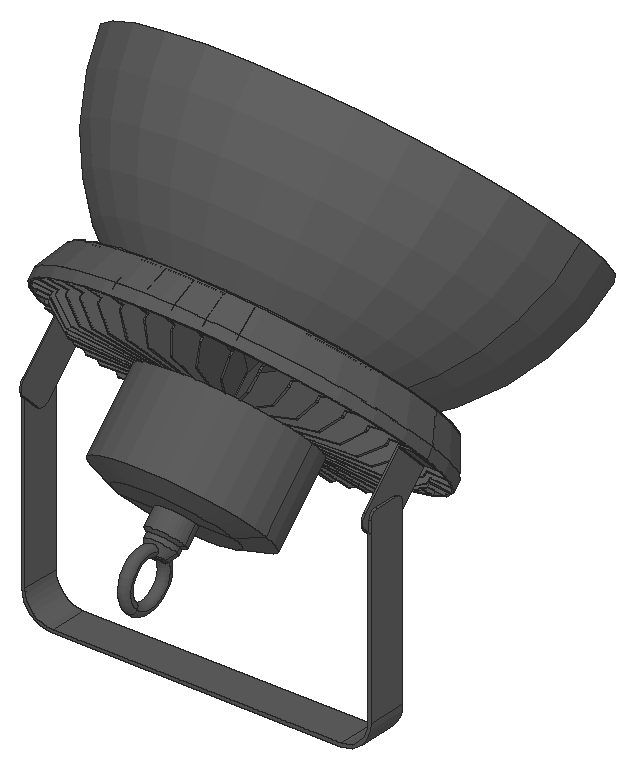
Revit family "0039349+0039355+0039360 Feilo Sylvania Lighting Fixture START HIGHBAY 4K 26KLM WIDE with BRACKET and ALU SHADE BLACK COLOR", category Lighting Fixtures, host Face, Revit 2017
Family settings
  Host = Face
  Round Connector Dimension = Use Diameter
  Part Type = Normal
  OmniClass Number = 23.80.70.00
  OmniClass Title = Lighting
  Cut with Voids When Loaded = No
  Light Source = No
  Shared = No
  Room Calculation Point = No
Parameters (values of type "0039349+0039355+0039360 START HIGHBAY 4K 26KLM WIDE with BRACKET and ALU SHADE BLACK COLOR")
  Weight = "3.7 kg"
  Wattage Comments = ""
  WarrantyStartDate [instance] = "n/a"
  WarrantyGuarantorParts = "n/a"
  WarrantyDurationUnit = "n/a"
  WarrantyDurationParts = "n/a"
  WarrantyDescription = "n/a"
  Voltage = 230 V
  URL = "http://www.sylvania-lighting.com"
  TypeName = "START HIGHBAY 4K 26KLM WIDE with BRACKET and ALU SHADE BLACK COLOR"
  TypeHead_FEILO = Start LED Highbay Head : 0039349+0039355+0039360 START HIGHBAY 4K 26KLM WIDE with BRACKET and ALU SHADE BLACK COLOR
  Type Image = <None>
  Type Comments = "n/a"
  TiltAngle_FEILO [instance] = 45.00°
  ThicknessBracketPlate_FEILO = 3 mm
  SizeBracketS_FEILO = no
  SizeBracketM_FEILO = no
  SerialNumber [instance] = "n/a"
  RadiusBracketTop_FEILO = 7 mm
  RadiusBendOut_FEILO = if(SizeBracketS_FEILO, 18 mm, if(SizeBracketM_FEILO, 24 mm, 28 mm))  # 28 mm
  RadiusBendIn_FEILO = RadiusBendOut_FEILO - ThicknessBracketPlate_FEILO  # 25 mm
  Material_3_FEILO = none
  PowerFactor = 0.95
  PowerConsumption = "200 W"
  NominalLength = 339 mm
  NominalHeight = 194 mm
  NominalDepth = 339 mm
  Name = "START HIGHBAY 4K 26KLM WIDE with BRACKET and ALU SHADE BLACK COLOR"
  ModelReference = Name  # "START HIGHBAY 4K 26KLM WIDE with BRACKET and ALU SHADE BLACK COLOR"
  ModelNumber = "0039349+0039355+0039360"
  Model = Name  # "START HIGHBAY 4K 26KLM WIDE with BRACKET and ALU SHADE BLACK COLOR"
  Material = "aluminium alloy housing, polycarbonate diffuser"
  ManufacturerName = "Feilo Sylvania"
  Manufacturer = "Feilo Sylvania"
  LuminousEfficacy = "130 lm/W"
  LuminaireType = ""
  LightOutputRatio = "n/a"
  LampsType = Lamp  # "LED"
  LampNominalLuminous = "26000 lm"
  LampMacAdamStep = "n/a"
  LampColourTemperature = "4000 K"
  LampColourRenderingIndex = "80"
  Lamp = "LED"
  Keynote = "16500"
  InstallationDate [instance] = "n/a"
  InputVoltage = "220-240V~"
  InputNominalFrequency = "50/60 Hz"
  IngressProtection = "IP65"
  ImpactProtectionIndex = "IK08"
  IfcExportType = "IfcLightFixtureType"
  IfcExportAs = "IfcLightFixtureType"
  ExpectedLife = 50000
  EndAngle_FEILO [instance] = TiltAngle_FEILO + 180.00°  # 225.00°
  ElectricShockClassification = "Class I"
  DurationUnit = "hours"
  DocumentationLiterature = "http://www.sylvania-lighting.com/product/en-int/products/0039349"
  DimmingControlOptions = "n/a"
  Material_2_FEILO = none
  Description = "START HIGHBAY, includes 1 m cables, black aluminium housing, 26000LM, 200W, 130lm/W, 4000K, Driver current: 5000mA, CR80, 90° beam angle, 1-10V dimmable,  IP65, IK08, 50,000 hrs (L70B50), (LxWxH) 339x339x194mm"
  Default Elevation = 1219.2 mm
  CreatedOn = "2/28/2018"
  CreatedBy = ""
  Cost = 0
  built-in parameter 1114216 [instance] = (empty or 0)
  ClassificationValue = "EF_70_80"
  ClassificationName = "Uniclass2015"
  Material_1_FEILO = Body-Sylvania-StartHighbay-Black
  BracketHeight_FEILO = if(SizeBracketS_FEILO, 199.5 mm, if(SizeBracketM_FEILO, 209.6 mm, 201.3 mm))  # 201.3 mm
  BracketDistanceInner_FEILO = if(SizeBracketS_FEILO, 249.4 mm, if(SizeBracketM_FEILO, 273.6 mm, 313.2 mm))  # 313.2 mm
  BarCode [instance] = "n/a"
  AssetType = "Fixed"
  AssetIdentifier [instance] = "n/a"
  Assembly Code = "D5020200"
  Apparent Load = 200 VA
  Material_4_FEILO = none
Reference planes
  plane 1 "Center (Front/Back)": y = 0
  plane 2: z = 0
  plane 3 "Center (Left/Right)": x = 0
  plane 4: x = -159.6
  plane 5: x = 159.6
  plane 6: z = 201.3
  plane 7: x = -156.6
  plane 8: z = 3
  plane 9: x = 156.6
  plane 10: y = 17.5
  plane 11: y = -17.5
  plane 12: y = -19.5
  plane 13: z = 203.3
  plane 14: y = 19.5
  plane 15: z = 192.3
Forms (mm)
  Extrusion 1, solid, material "Body-Sylvania-StartHighbay-Black" <- "Material_1_FEILO"
    sketch origin (0, 0, 0) x (1, 0, 0) y (0, 0, 1)
      loop
        line (-159.6, 201.3) -> (-159.6, 28)
        arc (-159.6, 28) -> (-151.399, 8.201) -> (-131.6, 0) r 28
        line (-131.6, 0) -> (131.6, 0)
        arc (131.6, 0) -> (151.399, 8.201) -> (159.6, 28) r 28
        line (159.6, 28) -> (159.6, 201.3) -> (156.6, 201.3) -> (156.6, 28)
        arc (156.6, 28) -> (149.278, 10.322) -> (131.6, 3) r 25
        line (131.6, 3) -> (-131.6, 3)
        arc (-131.6, 3) -> (-149.278, 10.322) -> (-156.6, 28) r 25
        line (-156.6, 28) -> (-156.6, 201.3) -> (-159.6, 201.3)
    from -17.5 to 17.5
  Extrusion 2, void
    sketch origin (0, 0, 0) x (0, 1, 0) y (0, 0, 1)
      loop
        arc (10.5, 201.3) -> (15.45, 199.25) -> (17.5, 194.3) r 7
        line (17.5, 194.3) -> (19.5, 194.3) -> (19.5, 203.3) -> (-19.5, 203.3) -> (-19.5, 194.3) -> (-17.5, 194.3)
        arc (-17.5, 194.3) -> (-15.45, 199.25) -> (-10.5, 201.3) r 7
        line (-10.5, 201.3) -> (10.5, 201.3)
    from -159.6 to 159.6
  Revolve 3, solid, not visible
    sketch origin (1223.4, -4572, 192.3) x (0, -1, 0) y (1, 0, 0)
      loop
        line (-4572, -1223.4) -> (-4591.5, -1223.4) -> (-4591.5, -1277.783) -> (-4572, -1277.783) -> (-4572, -1223.4)
      axis (-4572, -1223.4) -> (-4572, -1277.783)
    angle from 45 <- "TiltAngle_FEILO" to 225 <- "EndAngle_FEILO"
Cuts and joins
  Extrusion 2 cuts Extrusion 1
Dimensions and locks
  "BracketHeight_FEILO": plane 6 to plane 2
  equal spacing: plane 11, plane 1 "Center (Front/Back)", plane 10
  locked: plane 11 to plane 10 at 35
  equal spacing: plane 9, plane 3 "Center (Left/Right)", plane 7
  "BracketDistanceInner_FEILO": plane 9 to plane 7
  "ThicknessBracketPlate_FEILO": plane 7 to plane 4
  "ThicknessBracketPlate_FEILO": plane 8 to plane 2
  equal spacing: plane 5, plane 3 "Center (Left/Right)", plane 4
  equal spacing: plane 12, plane 1 "Center (Front/Back)", plane 14
  locked: plane 6 to plane 13 at 2
  locked: plane 12 to plane 11 at 2
  locked: plane 6 to plane 15 at 9
  "RadiusBendOut_FEILO": radius of Extrusion 1 sketch curve  (x2)
  "RadiusBendIn_FEILO": radius of Extrusion 1 sketch curve  (x2)
  "RadiusBracketTop_FEILO": radius of Extrusion 2 sketch curve  (x2)
  aligned and locked: plane 2 to host face
  aligned and locked: level to host face
  aligned and locked: Extrusion 1 sketch curve to plane 4
  aligned and locked: Extrusion 1 sketch curve to level
  aligned and locked: plane 6 to Extrusion 1 sketch curve
  aligned and locked: Extrusion 1 sketch curve to plane 6
  aligned and locked: Extrusion 1 sketch curve to plane 7
  aligned and locked: plane 9 to Extrusion 1 sketch curve
  aligned and locked: plane 8 to Extrusion 1 sketch curve
  aligned and locked: Extrusion 1 to plane 10
  aligned and locked: plane 11 to Extrusion 1
  aligned and locked: Extrusion 1 to Extrusion 2 sketch curve
  aligned and locked: plane 14 to Extrusion 2 sketch curve  (x2)
  aligned and locked: Extrusion 2 sketch curve to plane 12
  aligned and locked: plane 13 to Extrusion 2 sketch curve
  aligned and locked: plane 5 to Extrusion 2
  aligned and locked: Extrusion 2 to plane 4
  aligned and locked: Revolve 3 sketch curve to plane 1 "Center (Front/Back)"
  aligned and locked: Revolve 3 sketch curve to Revolve 3 sketch curve
  aligned and locked: plane 3 "Center (Left/Right)" to Revolve 3 sketch curve
  aligned and locked: Revolve 3 sketch curve to plane 14
  aligned and locked: nested 1 to plane 3 "Center (Left/Right)"
Automatic sketch dimensions
  host sketch curve to host sketch curve = 2438.4 mm  (x2)
  Revolve 3 sketch curve to Revolve 3 sketch curve = 54.383 mm
  Revolve 3 sketch curve to plane 4 = 1396.3 mm
  plane 5 to Revolve 3 sketch curve = 1396.3 mm
  Extrusion 1 sketch curve to Extrusion 1 sketch curve = 0 mm
  Extrusion 2 sketch curve to plane 11 = 0 mm
  Extrusion 2 sketch curve to plane 10 = 0 mm
Nested families
  nested 1: "Start LED Highbay Head" at (0, 0, 192.3) x (-1, 0, 0) z (0, 0.7071, 0.7071), type <- "TypeHead_FEILO", type "0039349+0039355+0039360 START HIGHBAY 4K 26KLM WIDE with BRACKET and ALU SHADE BLACK COLOR"
    with built-in parameter 1114216 (empty or 0)
Connectors
  electrical at (0, 0, 0), driven by "Apparent Load", driven by "PowerFactor", driven by "Voltage"
    settings: index 1, voltage 230 V, apparent load 200 VA, apparent load phase1 0 VA, apparent load phase2 0 VA, apparent load phase3 0 VA, power factor 0.95, load classification "Lighting", number of poles 1, system type 30, power factor state 1, is connector primary yes, connector utility no, sub classification motor no, connector description ""
Definition of nested family "Start LED Highbay Head"
  Parameters (values of type "0039351+0039354+0039358 START HIGHBAY 6K 19KLM WIDE with BRACKET and PC LAMPSHADE TRANSPARENT ")
    X_FEILO = if(SizeS_FEILO, 60.3 mm, if(SizeM_FEILO, 70.4 mm, 83.5 mm))  # 70.4 mm
    WidthStraight_FEILO = if(SizeS_FEILO, 3 mm, if(SizeM_FEILO, 4 mm, 4.7 mm))  # 4 mm
    WidthRingChamfer_FEILO = if(SizeS_FEILO, 10.3 mm, if(SizeM_FEILO, 11.2 mm, 12.9 mm))  # 11.2 mm
    WidthCurved_FEILO = if(SizeS_FEILO, 17.4 mm, if(SizeM_FEILO, 16.4 mm, 26.2 mm))  # 16.4 mm
    WidthCurvedRing_FEILO = if(SizeS_FEILO, 3 mm, if(SizeM_FEILO, 4 mm, 4.7 mm))  # 4 mm
    WidthBracket_FEILO = 40 mm
    Wattage Comments = ""
    Wattage = 150 W
    built-in parameter 1150110 = 1 (stored number, unit not read)
    URL = "http://www.feilosylvania.com"
    Type Image = (empty or 0)
    Type Comments = "n/a"
    built-in parameter 1114217 = 1 (stored number, unit not read)
    Tilt Angle = -90.00°
    ThicknessWall_FEILO = 1.5 mm
    ThicknessBracket_FEILO = 1.5 mm
    ThicknessBracketHalf_FEILO = ThicknessBracket_FEILO / 2  # 0.75 mm
    built-in parameter 1150109 = 1 (stored number, unit not read)
    built-in parameter 1150134 = 1
    built-in parameter 1150113 = 1 (stored number, unit not read)
    SizeS_FEILO = no
    SizeM_FEILO = yes
    ShadeThickness_FEILO = 3 mm
    ShadeSizeSM_FEILO = or(SizeS_FEILO, SizeM_FEILO)  # yes
    ShadeRadiusOut_FEILO = 205 mm
    ShadeRadiusIn_FEILO = if(ShadeSizeSM_FEILO, 95 mm, 121 mm)  # 95 mm
    ShadeRadiusBend_FEILO = if(ShadeSizeSM_FEILO, 210 mm, 210 mm)  # 210 mm
    ShadeOn_FEILO = yes
    ShadeHeight_FEILO = if(ShadeSizeSM_FEILO, 120 mm, 151 mm)  # 120 mm
    Rib4_FEILO = if(SizeS_FEILO, 18.1 mm, if(SizeM_FEILO, 13.6 mm, 14.6 mm))  # 13.6 mm
    Rib3_FEILO = if(SizeS_FEILO, 15.3 mm, if(SizeM_FEILO, 17.6 mm, 20.2 mm))  # 17.6 mm
    Rib2_FEILO = if(SizeS_FEILO, 3.6 mm, if(SizeM_FEILO, 3.9 mm, 4.5 mm))  # 3.9 mm
    Rib1_FEILO = if(SizeS_FEILO, 15.1 mm, if(SizeM_FEILO, 16.5 mm, 19 mm))  # 16.5 mm
    RadiusDiffuser_FEILO = if(SizeS_FEILO, 95.2 mm, if(SizeM_FEILO, 105.3 mm, 120 mm))  # 105.3 mm
    RadiusArrayPost_FEILO = DriverRadius_FEILO - 6 mm  # 61.2 mm
    RHRadius3_FEILO = if(SizeS_FEILO, 6.6 mm, if(SizeM_FEILO, 7.4 mm, 8.6 mm))  # 7.4 mm
    RHRadius2_FEILO = if(SizeS_FEILO, 11 mm, if(SizeM_FEILO, 12 mm, 14 mm))  # 12 mm
    RHRadius1_FEILO = if(SizeS_FEILO, 13.6 mm, if(SizeM_FEILO, 14.9 mm, 17.7 mm))  # 14.9 mm
    RHHeight4_FEILO = if(SizeS_FEILO, 7.3 mm, if(SizeM_FEILO, 8 mm, 9.2 mm))  # 8 mm
    RHHeight3_FEILO = if(SizeS_FEILO, 3.6 mm, if(SizeM_FEILO, 3.7 mm, 4.6 mm))  # 3.7 mm
    RHHeight2_FEILO = if(SizeS_FEILO, 2 mm, if(SizeM_FEILO, 2.2 mm, 2.6 mm))  # 2.2 mm
    RHHeight1_FEILO = if(SizeS_FEILO, 11.8 mm, if(SizeM_FEILO, 15.3 mm, 17.4 mm))  # 15.3 mm
    Photometric Web File = "0039351+0039358.ies"
    Material_5_FEILO = none
    Material_3_FEILO = none
    Model = "START HIGHBAY 6K 19KLM WIDE with BRACKET and PC LAMPSHADE TRANSPARENT"
    Manufacturer = "Feilo Sylvania"
    built-in parameter 1150105 = 10854.2 (stored number, unit not read)
    Lumens = 19500 lm
    built-in parameter 1150115 = 1 (stored number, unit not read)
    built-in parameter 1150137 = (empty or 0)
    built-in parameter 1150139 = (empty or 0)
    built-in parameter 1150112 = 1 (stored number, unit not read)
    built-in parameter 1150114 = 1 (stored number, unit not read)
    Lamp = "LED"
    Keynote = "16500"
    built-in parameter 1150132 = (empty or 0)
    built-in parameter 1150102 = (empty or 0)
    built-in parameter 1150107 = 6500 (stored number, unit not read)
    built-in parameter 1150138 = (empty or 0)
    built-in parameter 1150106 = 108.54 (stored number, unit not read)
    HeightRing_FEILO = if(SizeS_FEILO, 19.8 mm, if(SizeM_FEILO, 32 mm, 36.8 mm))  # 32 mm
    HeightRingChamfer_FEILO = if(SizeS_FEILO, 11.7 mm, if(SizeM_FEILO, 23.2 mm, 26.6 mm))  # 23.2 mm
    EyeThickness_FEILO = if(SizeS_FEILO, 8.4 mm, if(SizeM_FEILO, 9.2 mm, 10.5 mm))  # 9.2 mm
    EyeThicknessHalf_FEILO = EyeThickness_FEILO / 2  # 4.6 mm
    EyeInner_FEILO = if(SizeS_FEILO, 13.8 mm, if(SizeM_FEILO, 15.1 mm, 17.3 mm))  # 15.1 mm
    Emit from Circle Diameter = RadiusDiffuser_FEILO * 2  # 210.6 mm
    Emit Shape Visible in Rendering = no
    built-in parameter 1150104 = 12.077 (stored number, unit not read)
    DriverVerticalStraight_FEILO = if(SizeS_FEILO, 46.5 mm, if(SizeM_FEILO, 49.7 mm, 57 mm))  # 49.7 mm
    DriverVerticalChamfer_FEILO = if(SizeS_FEILO, 7.5 mm, if(SizeM_FEILO, 8.2 mm, 9.5 mm))  # 8.2 mm
    DriverRadius_FEILO = if(SizeS_FEILO, 61.4 mm, if(SizeM_FEILO, 67.2 mm, 76.4 mm))  # 67.2 mm
    DriverRadiusTop_FEILO = if(SizeS_FEILO, 42 mm, if(SizeM_FEILO, 45.3 mm, 52.4 mm))  # 45.3 mm
    DriverBottom_FEILO = if(SizeS_FEILO, 56 mm, if(SizeM_FEILO, 64.5 mm, 74 mm))  # 64.5 mm
    Material_2_FEILO = none
    Radius_FEILO = if(SizeS_FEILO, 135 mm, if(SizeM_FEILO, 148 mm, 169.5 mm))  # 148 mm
    Dimming Lamp Color Temperature Shift = (empty or 0)
    DiameterWire_FEILO = 3 mm
    DiameterWireSupport_FEILO = 10 mm
    Description = "START HIGHBAY, includes 1 m cables, black aluminium housing, 19500LM, 150W, 130lm/W, 6500K, Driver current: 2140mA, CR80, 60° beam angle, 1-10V dimmable,  IP65, IK08, 50,000 hrs (L70B50), (LxWxH) 296x296x177mm"
    Default Elevation = 1219.2 mm
    Cost = 0
    Color Filter = 16777215
    built-in parameter 1114216 [instance] = (empty or 0)
    Material_1_FEILO = none
    built-in parameter 1114218 = 1 (stored number, unit not read)
    built-in parameter 1150133 = 10 (stored number, unit not read)
    Assembly Code = "D5020200"
    Apparent Load = 150 VA
    Material_4_FEILO = none
  Types (36, lengths in mm): name | X_FEILO | WidthStraight_FEILO | WidthRingChamfer_FEILO | WidthCurved_FEILO | WidthCurvedRing_FEILO | Wattage | built-in parameter 1150134 | SizeS_FEILO | SizeM_FEILO | ShadeSizeSM_FEILO | ShadeRadiusIn_FEILO | ShadeOn_FEILO | ShadeHeight_FEILO | Rib4_FEILO | Rib3_FEILO | Rib2_FEILO | Rib1_FEILO | RadiusDiffuser_FEILO | RadiusArrayPost_FEILO | RHRadius3_FEILO | RHRadius2_FEILO | RHRadius1_FEILO | RHHeight4_FEILO | RHHeight3_FEILO | RHHeight2_FEILO | RHHeight1_FEILO | Photometric Web File | Model | built-in parameter 1150105 | Lumens | built-in parameter 1150107 | built-in parameter 1150106 | HeightRing_FEILO | HeightRingChamfer_FEILO | EyeThickness_FEILO | EyeThicknessHalf_FEILO | EyeInner_FEILO | Emit from Circle Diameter | DriverVerticalStraight_FEILO | DriverVerticalChamfer_FEILO | DriverRadius_FEILO | DriverRadiusTop_FEILO | DriverBottom_FEILO | Radius_FEILO | Description | Apparent Load
    0039352+0039355+0039361 START HIGHBAY 6K 26KLM WIDE with BRACKET and PC LAMPSHADE TRANSPARENT | 83.5 | 4.7 | 12.9 | 26.2 | 4.7 | 200 W | 1 | no | no | no | 121 | yes | 151 | 14.6 | 20.2 | 4.5 | 19 | 120 | 70.4 | 8.6 | 14 | 17.7 | 9.2 | 4.6 | 2.6 | 17.4 | "0039352+0039361.ies" | "START HIGHBAY 6K 26KLM WIDE with BRACKET and PC LAMPSHADE TRANSPARENT" | 17911 (stored number, unit not read) | 26000 lm | 6500 (stored number, unit not read) | 179.11 (stored number, unit not read) | 36.8 | 26.6 | 10.5 | 5.25 | 17.3 | 240 | 57 | 9.5 | 76.4 | 52.4 | 74 | 169.5 | "START HIGHBAY, includes 1 m cables, black aluminium housing, 26000LM, 200W, 130lm/W, 6500K, Driver current: 5000mA, CR80, 60° beam angle, 1-10V dimmable,  IP65, IK08, 50,000 hrs (L70B50), (LxWxH) 339x339x194mm" | 200 VA
    0039352+0039355+0039360 START HIGHBAY 6K 26KLM WIDE with BRACKET and ALU SHADE BLACK COLOR | 83.5 | 4.7 | 12.9 | 26.2 | 4.7 | 200 W | 1 | no | no | no | 121 | yes | 151 | 14.6 | 20.2 | 4.5 | 19 | 120 | 70.4 | 8.6 | 14 | 17.7 | 9.2 | 4.6 | 2.6 | 17.4 | "0039352+0039360.ies" | "START HIGHBAY 6K 26KLM WIDE with BRACKET and ALU SHADE BLACK COLOR" | 14870 (stored number, unit not read) | 26000 lm | 6500 (stored number, unit not read) | 148.7 (stored number, unit not read) | 36.8 | 26.6 | 10.5 | 5.25 | 17.3 | 240 | 57 | 9.5 | 76.4 | 52.4 | 74 | 169.5 | "START HIGHBAY, includes 1 m cables, black aluminium housing, 26000LM, 200W, 130lm/W, 6500K, Driver current: 5000mA, CR80, 60° beam angle, 1-10V dimmable,  IP65, IK08, 50,000 hrs (L70B50), (LxWxH) 339x339x194mm" | 200 VA
    0039352+0039355+0039359 START HIGHBAY 6K 26KLM WIDE with BRACKET and ALU SHADE ALU COLOR | 83.5 | 4.7 | 12.9 | 26.2 | 4.7 | 200 W | 1 | no | no | no | 121 | yes | 151 | 14.6 | 20.2 | 4.5 | 19 | 120 | 70.4 | 8.6 | 14 | 17.7 | 9.2 | 4.6 | 2.6 | 17.4 | "0039352+0039359.ies" | "START HIGHBAY 6K 26KLM WIDE with BRACKET and ALU SHADE ALU COLOR" | 14870 (stored number, unit not read) | 26000 lm | 6500 (stored number, unit not read) | 148.7 (stored number, unit not read) | 36.8 | 26.6 | 10.5 | 5.25 | 17.3 | 240 | 57 | 9.5 | 76.4 | 52.4 | 74 | 169.5 | "START HIGHBAY, includes 1 m cables, black aluminium housing, 26000LM, 200W, 130lm/W, 6500K, Driver current: 5000mA, CR80, 60° beam angle, 1-10V dimmable,  IP65, IK08, 50,000 hrs (L70B50), (LxWxH) 339x339x194mm" | 200 VA
    0039352+0039355 START HIGHBAY 6K 26KLM WIDE with BRACKET | 83.5 | 4.7 | 12.9 | 26.2 | 4.7 | 200 W | 1 | no | no | no | 121 | no | 151 | 14.6 | 20.2 | 4.5 | 19 | 120 | 70.4 | 8.6 | 14 | 17.7 | 9.2 | 4.6 | 2.6 | 17.4 | "0039352.ies" | "START HIGHBAY 6K 26KLM WIDE with BRACKET" | 13836.2 (stored number, unit not read) | 26000 lm | 6500 (stored number, unit not read) | 138.36 (stored number, unit not read) | 36.8 | 26.6 | 10.5 | 5.25 | 17.3 | 240 | 57 | 9.5 | 76.4 | 52.4 | 74 | 169.5 | "START HIGHBAY, includes 1 m cables, black aluminium housing, 26000LM, 200W, 130lm/W, 6500K, Driver current: 5000mA, CR80, 60° beam angle, 1-10V dimmable,  IP65, IK08, 50,000 hrs (L70B50), (LxWxH) 339x339x194mm" | 200 VA
    0039351+0039354+0039358 START HIGHBAY 6K 19KLM WIDE with BRACKET and PC LAMPSHADE TRANSPARENT | 70.4 | 4 | 11.2 | 16.4 | 4 | 150 W | 1 | no | yes | yes | 95 | yes | 120 | 13.6 | 17.6 | 3.9 | 16.5 | 105.3 | 61.2 | 7.4 | 12 | 14.9 | 8 | 3.7 | 2.2 | 15.3 | "0039351+0039358.ies" | "START HIGHBAY 6K 19KLM WIDE with BRACKET and PC LAMPSHADE TRANSPARENT" | 10854.2 (stored number, unit not read) | 19500 lm | 6500 (stored number, unit not read) | 108.54 (stored number, unit not read) | 32 | 23.2 | 9.2 | 4.6 | 15.1 | 210.6 | 49.7 | 8.2 | 67.2 | 45.3 | 64.5 | 148 | "START HIGHBAY, includes 1 m cables, black aluminium housing, 19500LM, 150W, 130lm/W, 6500K, Driver current: 2140mA, CR80, 60° beam angle, 1-10V dimmable,  IP65, IK08, 50,000 hrs (L70B50), (LxWxH) 296x296x177mm" | 150 VA
    0039351+0039354+0039357 START HIGHBAY 6K 19KLM WIDE with BRACKET and ALU SHADE BLACK COLOR | 70.4 | 4 | 11.2 | 16.4 | 4 | 150 W | 1 | no | yes | yes | 95 | yes | 120 | 13.6 | 17.6 | 3.9 | 16.5 | 105.3 | 61.2 | 7.4 | 12 | 14.9 | 8 | 3.7 | 2.2 | 15.3 | "0039351+0039357.ies" | "START HIGHBAY 6K 19KLM WIDE with BRACKET and ALU SHADE BLACK COLOR" | 11152.5 (stored number, unit not read) | 19500 lm | 6500 (stored number, unit not read) | 111.52 (stored number, unit not read) | 32 | 23.2 | 9.2 | 4.6 | 15.1 | 210.6 | 49.7 | 8.2 | 67.2 | 45.3 | 64.5 | 148 | "START HIGHBAY, includes 1 m cables, black aluminium housing, 19500LM, 150W, 130lm/W, 6500K, Driver current: 2140mA, CR80, 60° beam angle, 1-10V dimmable,  IP65, IK08, 50,000 hrs (L70B50), (LxWxH) 296x296x177mm" | 150 VA
    0039351+0039354+0039356 START HIGHBAY 6K 19KLM WIDE with BRACKET and ALU SHADE ALU COLOR | 70.4 | 4 | 11.2 | 16.4 | 4 | 150 W | 1 | no | yes | yes | 95 | yes | 120 | 13.6 | 17.6 | 3.9 | 16.5 | 105.3 | 61.2 | 7.4 | 12 | 14.9 | 8 | 3.7 | 2.2 | 15.3 | "0039351+0039356.ies" | "START HIGHBAY 6K 19KLM WIDE with BRACKET and ALU SHADE ALU COLOR" | 11152.5 (stored number, unit not read) | 19500 lm | 6500 (stored number, unit not read) | 111.52 (stored number, unit not read) | 32 | 23.2 | 9.2 | 4.6 | 15.1 | 210.6 | 49.7 | 8.2 | 67.2 | 45.3 | 64.5 | 148 | "START HIGHBAY, includes 1 m cables, black aluminium housing, 19500LM, 150W, 130lm/W, 6500K, Driver current: 2140mA, CR80, 60° beam angle, 1-10V dimmable,  IP65, IK08, 50,000 hrs (L70B50), (LxWxH) 296x296x177mm" | 150 VA
    0039351+0039354 START HIGHBAY 6K 19KLM WIDE with BRACKET | 70.4 | 4 | 11.2 | 16.4 | 4 | 150 W | 1 | no | yes | yes | 95 | no | 120 | 13.6 | 17.6 | 3.9 | 16.5 | 105.3 | 61.2 | 7.4 | 12 | 14.9 | 8 | 3.7 | 2.2 | 15.3 | "0039351.ies" | "START HIGHBAY 6K 19KLM WIDE with BRACKET" | 10377.1 (stored number, unit not read) | 19500 lm | 6500 (stored number, unit not read) | 103.77 (stored number, unit not read) | 32 | 23.2 | 9.2 | 4.6 | 15.1 | 210.6 | 49.7 | 8.2 | 67.2 | 45.3 | 64.5 | 148 | "START HIGHBAY, includes 1 m cables, black aluminium housing, 19500LM, 150W, 130lm/W, 6500K, Driver current: 2140mA, CR80, 60° beam angle, 1-10V dimmable,  IP65, IK08, 50,000 hrs (L70B50), (LxWxH) 296x296x177mm" | 150 VA
    0039350+0039353+0039358 START HIGHBAY 6K 13KLM WIDE with BRACKET and PC LAMPSHADE TRANSPARENT | 60.3 | 3 | 10.3 | 17.4 | 3 | 100 W | 1 | yes | no | yes | 95 | yes | 120 | 18.1 | 15.3 | 3.6 | 15.1 | 95.2 | 55.4 | 6.6 | 11 | 13.6 | 7.3 | 3.6 | 2 | 11.8 | "0039350+0039358.ies" | "START HIGHBAY 6K 13KLM WIDE with BRACKET and PC LAMPSHADE TRANSPARENT" | 7236.1 (stored number, unit not read) | 13000 lm | 6500 (stored number, unit not read) | 72.361 (stored number, unit not read) | 19.8 | 11.7 | 8.4 | 4.2 | 13.8 | 190.4 | 46.5 | 7.5 | 61.4 | 42 | 56 | 135 | "START HIGHBAY, includes 1 m cables, black aluminium housing, 13000LM, 100W, 130lm/W, 6500K, Driver current: 2140mA, CR80, 60° beam angle, 1-10V dimmable,  IP65, IK08, 50,000 hrs (L70B50), (LxWxH) 270x270x170mm" | 100 VA
    0039350+0039353+0039357 START HIGHBAY 6K 13KLM WIDE with BRACKET and ALU SHADE BLACK COLOR | 60.3 | 3 | 10.3 | 17.4 | 3 | 100 W | 1 | yes | no | yes | 95 | yes | 120 | 18.1 | 15.3 | 3.6 | 15.1 | 95.2 | 55.4 | 6.6 | 11 | 13.6 | 7.3 | 3.6 | 2 | 11.8 | "0039350+0039357.ies" | "START HIGHBAY 6K 13KLM WIDE with BRACKET and ALU SHADE BLACK COLOR" | 7435 (stored number, unit not read) | 13000 lm | 6500 (stored number, unit not read) | 74.35 (stored number, unit not read) | 19.8 | 11.7 | 8.4 | 4.2 | 13.8 | 190.4 | 46.5 | 7.5 | 61.4 | 42 | 56 | 135 | "START HIGHBAY, includes 1 m cables, black aluminium housing, 13000LM, 100W, 130lm/W, 6500K, Driver current: 2140mA, CR80, 60° beam angle, 1-10V dimmable,  IP65, IK08, 50,000 hrs (L70B50), (LxWxH) 270x270x170mm" | 100 VA
    0039350+0039353+0039356 START HIGHBAY 6K 13KLM WIDE with BRACKET and ALU SHADE ALU COLOR | 60.3 | 3 | 10.3 | 17.4 | 3 | 100 W | 1 | yes | no | yes | 95 | yes | 120 | 18.1 | 15.3 | 3.6 | 15.1 | 95.2 | 55.4 | 6.6 | 11 | 13.6 | 7.3 | 3.6 | 2 | 11.8 | "0039350+0039356.ies" | "START HIGHBAY 6K 13KLM WIDE with BRACKET and ALU SHADE ALU COLOR" | 7435 (stored number, unit not read) | 13000 lm | 6500 (stored number, unit not read) | 74.35 (stored number, unit not read) | 19.8 | 11.7 | 8.4 | 4.2 | 13.8 | 190.4 | 46.5 | 7.5 | 61.4 | 42 | 56 | 135 | "START HIGHBAY, includes 1 m cables, black aluminium housing, 13000LM, 100W, 130lm/W, 6500K, Driver current: 2140mA, CR80, 60° beam angle, 1-10V dimmable,  IP65, IK08, 50,000 hrs (L70B50), (LxWxH) 270x270x170mm" | 100 VA
    0039350+0039353 START HIGHBAY 6K 13KLM WIDE with BRACKET | 60.3 | 3 | 10.3 | 17.4 | 3 | 100 W | 1 | yes | no | yes | 95 | no | 120 | 18.1 | 15.3 | 3.6 | 15.1 | 95.2 | 55.4 | 6.6 | 11 | 13.6 | 7.3 | 3.6 | 2 | 11.8 | "0039350.ies" | "START HIGHBAY 6K 13KLM WIDE with BRACKET" | 6918.1 (stored number, unit not read) | 13000 lm | 6500 (stored number, unit not read) | 69.181 (stored number, unit not read) | 19.8 | 11.7 | 8.4 | 4.2 | 13.8 | 190.4 | 46.5 | 7.5 | 61.4 | 42 | 56 | 135 | "START HIGHBAY, includes 1 m cables, black aluminium housing, 13000LM, 100W, 130lm/W, 6500K, Driver current: 2140mA, CR80, 60° beam angle, 1-10V dimmable,  IP65, IK08, 50,000 hrs (L70B50), (LxWxH) 270x270x170mm" | 100 VA
    0039349+0039355+0039361 START HIGHBAY 4K 26KLM WIDE with BRACKET and PC LAMPSHADE TRANSPARENT FOR | 83.5 | 4.7 | 12.9 | 26.2 | 4.7 | 200 W | 12 | no | no | no | 121 | yes | 151 | 14.6 | 20.2 | 4.5 | 19 | 120 | 70.4 | 8.6 | 14 | 17.7 | 9.2 | 4.6 | 2.6 | 17.4 | "0039349+0039361.ies" | "START HIGHBAY 4K 26KLM WIDE with BRACKET and PC LAMPSHADE TRANSPARENT FOR" | 17911 (stored number, unit not read) | 26000 lm | 4000 (stored number, unit not read) | 179.11 (stored number, unit not read) | 36.8 | 26.6 | 10.5 | 5.25 | 17.3 | 240 | 57 | 9.5 | 76.4 | 52.4 | 74 | 169.5 | "START HIGHBAY, includes 1 m cables, black aluminium housing, 26000LM, 200W, 130lm/W, 4000K, Driver current: 5000mA, CR80, 90° beam angle, 1-10V dimmable,  IP65, IK08, 50,000 hrs (L70B50), (LxWxH) 339x339x194mm" | 200 VA
    0039349+0039355+0039360 START HIGHBAY 4K 26KLM WIDE with BRACKET and ALU SHADE BLACK COLOR | 83.5 | 4.7 | 12.9 | 26.2 | 4.7 | 200 W | 12 | no | no | no | 121 | yes | 151 | 14.6 | 20.2 | 4.5 | 19 | 120 | 70.4 | 8.6 | 14 | 17.7 | 9.2 | 4.6 | 2.6 | 17.4 | "0039349+0039360.ies" | "START HIGHBAY 4K 26KLM WIDE with BRACKET and ALU SHADE BLACK COLOR" | 14870 (stored number, unit not read) | 26000 lm | 4000 (stored number, unit not read) | 148.7 (stored number, unit not read) | 36.8 | 26.6 | 10.5 | 5.25 | 17.3 | 240 | 57 | 9.5 | 76.4 | 52.4 | 74 | 169.5 | "START HIGHBAY, includes 1 m cables, black aluminium housing, 26000LM, 200W, 130lm/W, 4000K, Driver current: 5000mA, CR80, 90° beam angle, 1-10V dimmable,  IP65, IK08, 50,000 hrs (L70B50), (LxWxH) 339x339x194mm" | 200 VA
    0039349+0039355+0039359 START HIGHBAY 4K 26KLM WIDE with BRACKET and ALU SHADE ALU COLOR | 83.5 | 4.7 | 12.9 | 26.2 | 4.7 | 200 W | 12 | no | no | no | 121 | yes | 151 | 14.6 | 20.2 | 4.5 | 19 | 120 | 70.4 | 8.6 | 14 | 17.7 | 9.2 | 4.6 | 2.6 | 17.4 | "0039349+0039359.ies" | "START HIGHBAY 4K 26KLM WIDE with BRACKET and ALU SHADE ALU COLOR" | 14870 (stored number, unit not read) | 26000 lm | 4000 (stored number, unit not read) | 148.7 (stored number, unit not read) | 36.8 | 26.6 | 10.5 | 5.25 | 17.3 | 240 | 57 | 9.5 | 76.4 | 52.4 | 74 | 169.5 | "START HIGHBAY, includes 1 m cables, black aluminium housing, 26000LM, 200W, 130lm/W, 4000K, Driver current: 5000mA, CR80, 90° beam angle, 1-10V dimmable,  IP65, IK08, 50,000 hrs (L70B50), (LxWxH) 339x339x194mm" | 200 VA
    0039349+0039355 START HIGHBAY 4K 26KLM WIDE with BRACKET | 83.5 | 4.7 | 12.9 | 26.2 | 4.7 | 200 W | 12 | no | no | no | 121 | no | 151 | 14.6 | 20.2 | 4.5 | 19 | 120 | 70.4 | 8.6 | 14 | 17.7 | 9.2 | 4.6 | 2.6 | 17.4 | "0039349.ies" | "START HIGHBAY 4K 26KLM WIDE with BRACKET" | 13836.2 (stored number, unit not read) | 26000 lm | 4000 (stored number, unit not read) | 138.36 (stored number, unit not read) | 36.8 | 26.6 | 10.5 | 5.25 | 17.3 | 240 | 57 | 9.5 | 76.4 | 52.4 | 74 | 169.5 | "START HIGHBAY, includes 1 m cables, black aluminium housing, 26000LM, 200W, 130lm/W, 4000K, Driver current: 5000mA, CR80, 90° beam angle, 1-10V dimmable,  IP65, IK08, 50,000 hrs (L70B50), (LxWxH) 339x339x194mm" | 200 VA
    0039348+0039354+0039358 START HIGHBAY 4K 19KLM WIDE with BRACKET and PC LAMPSHADE TRANSPARENT | 70.4 | 4 | 11.2 | 16.4 | 4 | 150 W | 12 | no | yes | yes | 95 | yes | 120 | 13.6 | 17.6 | 3.9 | 16.5 | 105.3 | 61.2 | 7.4 | 12 | 14.9 | 8 | 3.7 | 2.2 | 15.3 | "0039348+0039358.ies" | "START HIGHBAY 4K 19KLM WIDE with BRACKET and PC LAMPSHADE TRANSPARENT" | 10854.2 (stored number, unit not read) | 19500 lm | 4000 (stored number, unit not read) | 108.54 (stored number, unit not read) | 32 | 23.2 | 9.2 | 4.6 | 15.1 | 210.6 | 49.7 | 8.2 | 67.2 | 45.3 | 64.5 | 148 | "START HIGHBAY, includes 1 m cables, black aluminium housing, 19500LM, 150W, 130lm/W, 4000K, Driver current: 3210mA, CR80, 90° beam angle, 1-10V dimmable,  IP65, IK08, 50,000 hrs (L70B50), (LxWxH) 296x296x177mm" | 150 VA
    0039348+0039354+0039357 START HIGHBAY 4K 19KLM WIDE with BRACKET and ALU SHADE BLACK COLOR | 70.4 | 4 | 11.2 | 16.4 | 4 | 150 W | 12 | no | yes | yes | 95 | yes | 120 | 13.6 | 17.6 | 3.9 | 16.5 | 105.3 | 61.2 | 7.4 | 12 | 14.9 | 8 | 3.7 | 2.2 | 15.3 | "0039348+0039357.ies" | "START HIGHBAY 4K 19KLM WIDE with BRACKET and ALU SHADE BLACK COLOR" | 11152.5 (stored number, unit not read) | 19500 lm | 4000 (stored number, unit not read) | 111.52 (stored number, unit not read) | 32 | 23.2 | 9.2 | 4.6 | 15.1 | 210.6 | 49.7 | 8.2 | 67.2 | 45.3 | 64.5 | 148 | "START HIGHBAY, includes 1 m cables, black aluminium housing, 19500LM, 150W, 130lm/W, 4000K, Driver current: 3210mA, CR80, 90° beam angle, 1-10V dimmable,  IP65, IK08, 50,000 hrs (L70B50), (LxWxH) 296x296x177mm" | 150 VA
    0039348+0039354+0039356 START HIGHBAY 4K 19KLM WIDE with BRACKET and ALU SHADE ALU COLOR | 70.4 | 4 | 11.2 | 16.4 | 4 | 150 W | 12 | no | yes | yes | 95 | yes | 120 | 13.6 | 17.6 | 3.9 | 16.5 | 105.3 | 61.2 | 7.4 | 12 | 14.9 | 8 | 3.7 | 2.2 | 15.3 | "0039348+0039356.ies" | "START HIGHBAY 4K 19KLM WIDE with BRACKET and ALU SHADE ALU COLOR" | 11152.5 (stored number, unit not read) | 19500 lm | 4000 (stored number, unit not read) | 111.52 (stored number, unit not read) | 32 | 23.2 | 9.2 | 4.6 | 15.1 | 210.6 | 49.7 | 8.2 | 67.2 | 45.3 | 64.5 | 148 | "START HIGHBAY, includes 1 m cables, black aluminium housing, 19500LM, 150W, 130lm/W, 4000K, Driver current: 3210mA, CR80, 90° beam angle, 1-10V dimmable,  IP65, IK08, 50,000 hrs (L70B50), (LxWxH) 296x296x177mm" | 150 VA
    0039348+0039354 START HIGHBAY 4K 19KLM WIDE with BRACKET | 70.4 | 4 | 11.2 | 16.4 | 4 | 150 W | 12 | no | yes | yes | 95 | no | 120 | 13.6 | 17.6 | 3.9 | 16.5 | 105.3 | 61.2 | 7.4 | 12 | 14.9 | 8 | 3.7 | 2.2 | 15.3 | "0039348.ies" | "START HIGHBAY 4K 19KLM WIDE with BRACKET" | 10377.1 (stored number, unit not read) | 19500 lm | 4000 (stored number, unit not read) | 103.77 (stored number, unit not read) | 32 | 23.2 | 9.2 | 4.6 | 15.1 | 210.6 | 49.7 | 8.2 | 67.2 | 45.3 | 64.5 | 148 | "START HIGHBAY, includes 1 m cables, black aluminium housing, 19500LM, 150W, 130lm/W, 4000K, Driver current: 3210mA, CR80, 90° beam angle, 1-10V dimmable,  IP65, IK08, 50,000 hrs (L70B50), (LxWxH) 296x296x177mm" | 150 VA
    0039347+0039353+0039358 START HIGHBAY 4K 13KLM WIDE with BRACKET and PC LAMPSHADE TRANSPARENT | 60.3 | 3 | 10.3 | 17.4 | 3 | 100 W | 12 | yes | no | yes | 95 | yes | 120 | 18.1 | 15.3 | 3.6 | 15.1 | 95.2 | 55.4 | 6.6 | 11 | 13.6 | 7.3 | 3.6 | 2 | 11.8 | "0039347+0039358.ies" | "START HIGHBAY 4K 13KLM WIDE with BRACKET and PC LAMPSHADE TRANSPARENT" | 7236.1 (stored number, unit not read) | 13000 lm | 4000 (stored number, unit not read) | 72.361 (stored number, unit not read) | 19.8 | 11.7 | 8.4 | 4.2 | 13.8 | 190.4 | 46.5 | 7.5 | 61.4 | 42 | 56 | 135 | "START HIGHBAY, includes 1 m cables, black aluminium housing, 13000LM, 100W, 130lm/W, 4000K, Driver current: 2140mA, CR80, 90° beam angle, 1-10V dimmable,  IP65, IK08, 50,000 hrs (L70B50), (LxWxH) 270x270x170mm" | 100 VA
    0039347+0039353+0039357 START HIGHBAY 4K 13KLM WIDE with BRACKET and ALU SHADE BLACK COLOR | 60.3 | 3 | 10.3 | 17.4 | 3 | 100 W | 12 | yes | no | yes | 95 | yes | 120 | 18.1 | 15.3 | 3.6 | 15.1 | 95.2 | 55.4 | 6.6 | 11 | 13.6 | 7.3 | 3.6 | 2 | 11.8 | "0039347+0039357.ies" | "START HIGHBAY 4K 13KLM WIDE with BRACKET and ALU SHADE BLACK COLOR" | 7435 (stored number, unit not read) | 13000 lm | 4000 (stored number, unit not read) | 74.35 (stored number, unit not read) | 19.8 | 11.7 | 8.4 | 4.2 | 13.8 | 190.4 | 46.5 | 7.5 | 61.4 | 42 | 56 | 135 | "START HIGHBAY, includes 1 m cables, black aluminium housing, 13000LM, 100W, 130lm/W, 4000K, Driver current: 2140mA, CR80, 90° beam angle, 1-10V dimmable,  IP65, IK08, 50,000 hrs (L70B50), (LxWxH) 270x270x170mm" | 100 VA
    0039347+0039353+0039356 START HIGHBAY 4K 13KLM WIDE with BRACKET and ALU SHADE ALU COLOR | 60.3 | 3 | 10.3 | 17.4 | 3 | 100 W | 12 | yes | no | yes | 95 | yes | 120 | 18.1 | 15.3 | 3.6 | 15.1 | 95.2 | 55.4 | 6.6 | 11 | 13.6 | 7.3 | 3.6 | 2 | 11.8 | "0039347+0039356.ies" | "START HIGHBAY 4K 13KLM WIDE with BRACKET and ALU SHADE ALU COLOR" | 7435 (stored number, unit not read) | 13000 lm | 4000 (stored number, unit not read) | 74.35 (stored number, unit not read) | 19.8 | 11.7 | 8.4 | 4.2 | 13.8 | 190.4 | 46.5 | 7.5 | 61.4 | 42 | 56 | 135 | "START HIGHBAY, includes 1 m cables, black aluminium housing, 13000LM, 100W, 130lm/W, 4000K, Driver current: 2140mA, CR80, 90° beam angle, 1-10V dimmable,  IP65, IK08, 50,000 hrs (L70B50), (LxWxH) 270x270x170mm" | 100 VA
    0039347+0039353 START HIGHBAY 4K 13KLM WIDE with BRACKET | 60.3 | 3 | 10.3 | 17.4 | 3 | 100 W | 12 | yes | no | yes | 95 | no | 120 | 18.1 | 15.3 | 3.6 | 15.1 | 95.2 | 55.4 | 6.6 | 11 | 13.6 | 7.3 | 3.6 | 2 | 11.8 | "0039347.ies" | "START HIGHBAY 4K 13KLM WIDE with BRACKET" | 6918.1 (stored number, unit not read) | 13000 lm | 4000 (stored number, unit not read) | 69.181 (stored number, unit not read) | 19.8 | 11.7 | 8.4 | 4.2 | 13.8 | 190.4 | 46.5 | 7.5 | 61.4 | 42 | 56 | 135 | "START HIGHBAY, includes 1 m cables, black aluminium housing, 13000LM, 100W, 130lm/W, 4000K, Driver current: 2140mA, CR80, 90° beam angle, 1-10V dimmable,  IP65, IK08, 50,000 hrs (L70B50), (LxWxH) 270x270x170mm" | 100 VA
    0039346+0039355+0039361 START HIGHBAY 4K 26KLM MEDIUM with BRACKET and PC LAMPSHADE TRANSPARENT | 83.5 | 4.7 | 12.9 | 26.2 | 4.7 | 200 W | 12 | no | no | no | 121 | yes | 151 | 14.6 | 20.2 | 4.5 | 19 | 120 | 70.4 | 8.6 | 14 | 17.7 | 9.2 | 4.6 | 2.6 | 17.4 | "0039346+0039361.ies" | "START HIGHBAY 4K 26KLM MEDIUM with BRACKET and PC LAMPSHADE TRANSPARENT" | 35142.4 (stored number, unit not read) | 26000 lm | 4000 (stored number, unit not read) | 351.42 (stored number, unit not read) | 36.8 | 26.6 | 10.5 | 5.25 | 17.3 | 240 | 57 | 9.5 | 76.4 | 52.4 | 74 | 169.5 | "START HIGHBAY, includes 1 m cables, black aluminium housing, 26000LM, 200W, 130lm/W, 4000K, Driver current: 5000mA, CR80, 60° beam angle, 1-10V dimmable,  IP65, IK08, 50,000 hrs (L70B50), (LxWxH) 339x339x194mm" | 200 VA
    0039346+0039355+0039360 START HIGHBAY 4K 26KLM MEDIUM with BRACKET and ALU SHADE BLACK COLOR | 83.5 | 4.7 | 12.9 | 26.2 | 4.7 | 200 W | 12 | no | no | no | 121 | yes | 151 | 14.6 | 20.2 | 4.5 | 19 | 120 | 70.4 | 8.6 | 14 | 17.7 | 9.2 | 4.6 | 2.6 | 17.4 | "0039346+0039360.ies" | "START HIGHBAY 4K 26KLM MEDIUM with BRACKET and ALU SHADE BLACK COLOR" | 35336 (stored number, unit not read) | 26000 lm | 4000 (stored number, unit not read) | 353.36 (stored number, unit not read) | 36.8 | 26.6 | 10.5 | 5.25 | 17.3 | 240 | 57 | 9.5 | 76.4 | 52.4 | 74 | 169.5 | "START HIGHBAY, includes 1 m cables, black aluminium housing, 26000LM, 200W, 130lm/W, 4000K, Driver current: 5000mA, CR80, 60° beam angle, 1-10V dimmable,  IP65, IK08, 50,000 hrs (L70B50), (LxWxH) 339x339x194mm" | 200 VA
    0039346+0039355+0039359 START HIGHBAY 4K 26KLM MEDIUM with BRACKET and ALU SHADE ALU COLOR | 83.5 | 4.7 | 12.9 | 26.2 | 4.7 | 200 W | 12 | no | no | no | 121 | yes | 151 | 14.6 | 20.2 | 4.5 | 19 | 120 | 70.4 | 8.6 | 14 | 17.7 | 9.2 | 4.6 | 2.6 | 17.4 | "0039346+0039359.ies" | "START HIGHBAY 4K 26KLM MEDIUM with BRACKET and ALU SHADE ALU COLOR" | 35336 (stored number, unit not read) | 26000 lm | 4000 (stored number, unit not read) | 353.36 (stored number, unit not read) | 36.8 | 26.6 | 10.5 | 5.25 | 17.3 | 240 | 57 | 9.5 | 76.4 | 52.4 | 74 | 169.5 | "START HIGHBAY, includes 1 m cables, black aluminium housing, 26000LM, 200W, 130lm/W, 4000K, Driver current: 5000mA, CR80, 60° beam angle, 1-10V dimmable,  IP65, IK08, 50,000 hrs (L70B50), (LxWxH) 339x339x194mm" | 200 VA
    0039346+0039355 START HIGHBAY 4K 26KLM MEDIUM with BRACKET | 83.5 | 4.7 | 12.9 | 26.2 | 4.7 | 200 W | 12 | no | no | no | 121 | no | 151 | 14.6 | 20.2 | 4.5 | 19 | 120 | 70.4 | 8.6 | 14 | 17.7 | 9.2 | 4.6 | 2.6 | 17.4 | "0039346.ies" | "START HIGHBAY 4K 26KLM MEDIUM with BRACKET" | 32161 (stored number, unit not read) | 26000 lm | 4000 (stored number, unit not read) | 321.61 (stored number, unit not read) | 36.8 | 26.6 | 10.5 | 5.25 | 17.3 | 240 | 57 | 9.5 | 76.4 | 52.4 | 74 | 169.5 | "START HIGHBAY, includes 1 m cables, black aluminium housing, 26000LM, 200W, 130lm/W, 4000K, Driver current: 5000mA, CR80, 60° beam angle, 1-10V dimmable,  IP65, IK08, 50,000 hrs (L70B50), (LxWxH) 339x339x194mm" | 200 VA
    0039345+0039354+0039358 START HIGHBAY 4K 19KLM MEDIUM with BRACKET and PC LAMPSHADE TRANSPARENT | 70.4 | 4 | 11.2 | 16.4 | 4 | 150 W | 12 | no | yes | yes | 95 | yes | 120 | 13.6 | 17.6 | 3.9 | 16.5 | 105.3 | 61.2 | 7.4 | 12 | 14.9 | 8 | 3.7 | 2.2 | 15.3 | "0039345+0039358.ies" | "START HIGHBAY 4K 19KLM MEDIUM with BRACKET and PC LAMPSHADE TRANSPARENT" | 24535.9 (stored number, unit not read) | 19500 lm | 4000 (stored number, unit not read) | 245.36 (stored number, unit not read) | 32 | 23.2 | 9.2 | 4.6 | 15.1 | 210.6 | 49.7 | 8.2 | 67.2 | 45.3 | 64.5 | 148 | "START HIGHBAY, includes 1 m cables, black aluminium housing, 19500LM, 150W, 130lm/W, 4000K, Driver current: 3210mA, CR80, 60° beam angle, 1-10V dimmable,  IP65, IK08, 50,000 hrs (L70B50), (LxWxH) 296x296x177mm" | 150 VA
    0039345+0039354+0039357 START HIGHBAY 4K 19KLM MEDIUM with BRACKET and ALU SHADE BLACK COLOR | 70.4 | 4 | 11.2 | 16.4 | 4 | 150 W | 12 | no | yes | yes | 95 | yes | 120 | 13.6 | 17.6 | 3.9 | 16.5 | 105.3 | 61.2 | 7.4 | 12 | 14.9 | 8 | 3.7 | 2.2 | 15.3 | "0039345+0039357.ies" | "START HIGHBAY 4K 19KLM MEDIUM with BRACKET and ALU SHADE BLACK COLOR" | 26502 (stored number, unit not read) | 19500 lm | 4000 (stored number, unit not read) | 265.02 (stored number, unit not read) | 32 | 23.2 | 9.2 | 4.6 | 15.1 | 210.6 | 49.7 | 8.2 | 67.2 | 45.3 | 64.5 | 148 | "START HIGHBAY, includes 1 m cables, black aluminium housing, 19500LM, 150W, 130lm/W, 4000K, Driver current: 3210mA, CR80, 60° beam angle, 1-10V dimmable,  IP65, IK08, 50,000 hrs (L70B50), (LxWxH) 296x296x177mm" | 150 VA
    0039345+0039354+0039356 START HIGHBAY 4K 19KLM MEDIUM with BRACKET and ALU SHADE ALU COLOR | 70.4 | 4 | 11.2 | 16.4 | 4 | 150 W | 12 | no | yes | yes | 95 | yes | 120 | 13.6 | 17.6 | 3.9 | 16.5 | 105.3 | 61.2 | 7.4 | 12 | 14.9 | 8 | 3.7 | 2.2 | 15.3 | "0039345+0039356.ies" | "START HIGHBAY 4K 19KLM MEDIUM with BRACKET and ALU SHADE ALU COLOR" | 26502 (stored number, unit not read) | 19500 lm | 4000 (stored number, unit not read) | 265.02 (stored number, unit not read) | 32 | 23.2 | 9.2 | 4.6 | 15.1 | 210.6 | 49.7 | 8.2 | 67.2 | 45.3 | 64.5 | 148 | "START HIGHBAY, includes 1 m cables, black aluminium housing, 19500LM, 150W, 130lm/W, 4000K, Driver current: 3210mA, CR80, 60° beam angle, 1-10V dimmable,  IP65, IK08, 50,000 hrs (L70B50), (LxWxH) 296x296x177mm" | 150 VA
    0039345+0039354 START HIGHBAY 4K 19KLM MEDIUM with BRACKET | 70.4 | 4 | 11.2 | 16.4 | 4 | 150 W | 12 | no | yes | yes | 95 | no | 120 | 13.6 | 17.6 | 3.9 | 16.5 | 105.3 | 61.2 | 7.4 | 12 | 14.9 | 8 | 3.7 | 2.2 | 15.3 | "0039345.ies" | "START HIGHBAY 4K 19KLM MEDIUM with BRACKET" | 24120.8 (stored number, unit not read) | 19500 lm | 4000 (stored number, unit not read) | 241.21 (stored number, unit not read) | 32 | 23.2 | 9.2 | 4.6 | 15.1 | 210.6 | 49.7 | 8.2 | 67.2 | 45.3 | 64.5 | 148 | "START HIGHBAY, includes 1 m cables, black aluminium housing, 19500LM, 150W, 130lm/W, 4000K, Driver current: 3210mA, CR80, 60° beam angle, 1-10V dimmable,  IP65, IK08, 50,000 hrs (L70B50), (LxWxH) 296x296x177mm" | 150 VA
    0039344+0039353+0039358 START HIGHBAY 4K 13KLM MEDIUM with BRACKET and PC LAMPSHADE TRANSPARENT | 60.3 | 3 | 10.3 | 17.4 | 3 | 100 W | 12 | yes | no | yes | 95 | yes | 120 | 18.1 | 15.3 | 3.6 | 15.1 | 95.2 | 55.4 | 6.6 | 11 | 13.6 | 7.3 | 3.6 | 2 | 11.8 | "0039344+0039358.ies" | "START HIGHBAY 4K 13KLM MEDIUM with BRACKET and PC LAMPSHADE TRANSPARENT" | 17571.2 (stored number, unit not read) | 13000 lm | 4000 (stored number, unit not read) | 175.71 (stored number, unit not read) | 19.8 | 11.7 | 8.4 | 4.2 | 13.8 | 190.4 | 46.5 | 7.5 | 61.4 | 42 | 56 | 135 | "START HIGHBAY, includes 1 m cables, black aluminium housing, 13000LM, 100W, 130lm/W, 4000K, Driver current: 2140mA, CR80, 60° beam angle, 1-10V dimmable,  IP65, IK08, 50,000 hrs (L70B50), (LxWxH) 270x270x170mm" | 100 VA
    0039344+0039353+0039357 START HIGHBAY 4K 13KLM MEDIUM with BRACKET and ALU SHADE BLACK COLOR | 60.3 | 3 | 10.3 | 17.4 | 3 | 100 W | 12 | yes | no | yes | 95 | yes | 120 | 18.1 | 15.3 | 3.6 | 15.1 | 95.2 | 55.4 | 6.6 | 11 | 13.6 | 7.3 | 3.6 | 2 | 11.8 | "0039344+0039357.ies" | "START HIGHBAY 4K 13KLM MEDIUM with BRACKET and ALU SHADE BLACK COLOR" | 17668 (stored number, unit not read) | 13000 lm | 4000 (stored number, unit not read) | 176.68 (stored number, unit not read) | 19.8 | 11.7 | 8.4 | 4.2 | 13.8 | 190.4 | 46.5 | 7.5 | 61.4 | 42 | 56 | 135 | "START HIGHBAY, includes 1 m cables, black aluminium housing, 13000LM, 100W, 130lm/W, 4000K, Driver current: 2140mA, CR80, 60° beam angle, 1-10V dimmable,  IP65, IK08, 50,000 hrs (L70B50), (LxWxH) 270x270x170mm" | 100 VA
    0039344+0039353+0039356 START HIGHBAY 4K 13KLM MEDIUM with BRACKET and ALU SHADE ALU COLOR | 60.3 | 3 | 10.3 | 17.4 | 3 | 100 W | 12 | yes | no | yes | 95 | yes | 120 | 18.1 | 15.3 | 3.6 | 15.1 | 95.2 | 55.4 | 6.6 | 11 | 13.6 | 7.3 | 3.6 | 2 | 11.8 | "0039344+0039356.ies" | "START HIGHBAY 4K 13KLM MEDIUM with BRACKET and ALU SHADE ALU COLOR" | 17668 (stored number, unit not read) | 13000 lm | 4000 (stored number, unit not read) | 176.68 (stored number, unit not read) | 19.8 | 11.7 | 8.4 | 4.2 | 13.8 | 190.4 | 46.5 | 7.5 | 61.4 | 42 | 56 | 135 | "START HIGHBAY, includes 1 m cables, black aluminium housing, 13000LM, 100W, 130lm/W, 4000K, Driver current: 2140mA, CR80, 60° beam angle, 1-10V dimmable,  IP65, IK08, 50,000 hrs (L70B50), (LxWxH) 270x270x170mm" | 100 VA
    0039344+0039353 START HIGHBAY 4K 13KLM MEDIUM with BRACKET | 60.3 | 3 | 10.3 | 17.4 | 3 | 100 W | 12 | yes | no | yes | 95 | no | 120 | 18.1 | 15.3 | 3.6 | 15.1 | 95.2 | 55.4 | 6.6 | 11 | 13.6 | 7.3 | 3.6 | 2 | 11.8 | "0039344.ies" | "START HIGHBAY 4K 13KLM MEDIUM with BRACKET" | 16080.5 (stored number, unit not read) | 13000 lm | 4000 (stored number, unit not read) | 160.81 (stored number, unit not read) | 19.8 | 11.7 | 8.4 | 4.2 | 13.8 | 190.4 | 46.5 | 7.5 | 61.4 | 42 | 56 | 135 | "START HIGHBAY, includes 1 m cables, black aluminium housing, 13000LM, 100W, 130lm/W, 4000K, Driver current: 2140mA, CR80, 60° beam angle, 1-10V dimmable,  IP65, IK08, 50,000 hrs (L70B50), (LxWxH) 270x270x170mm" | 100 VA
  Reference planes
    plane 1 "Center (Front/Back)": y = 0
    plane 2: z = 0
    plane 3 "Center (Left/Right)": x = 0
    plane 4: z = 70.4
    plane 5: x = -148
    plane 6: x = -136.8
    plane 7: z = 47.2
    plane 8: z = 38.4
    plane 9: x = -132.8
    plane 10: z = 67.775
    plane 11: x = -116.4
    plane 12: x = -105.3
    plane 13: x = -128.8
    plane 14: z = 68.775
    plane 15: z = 66.775
    plane 16: x = -102.3
    plane 17: z = 65.775
    plane 18: x = -146.5
    plane 19: x = -131.5
    plane 20: z = 34.5
    plane 21: x = -113.9
    plane 22: z = 20.9
    plane 23: x = -20
    plane 24: z = 5.9
    plane 25: x = -67.2
    plane 26: z = -43.8
    plane 27: x = -45.3
    plane 28: z = -52
    plane 29: x = -14.9
    plane 30: z = -67.3
    plane 31: z = -69.5
    plane 32: x = -12
    plane 33: z = -73.2
    plane 34: z = -81.2
    plane 35: x = -7.4
    plane 36: z = -96.3
    plane 37: z = -111.4
    plane 38: x = 4.6
    plane 39: x = -4.6
    plane 40: z = -120.6
    plane 41: z = -116
    plane 42: x = -141.65
    plane 43: x = -145.5
    plane 44: z = 36.9
    plane 45: x = -135.3
    plane 46: z = -18.95
    plane 47: y = -20
    plane 48: y = 20
    plane 49: x = 148
    plane 50: x = 136.8
    plane 51: x = 146.5
    plane 52: x = 141.65
    plane 53: x = 145.5
    plane 54: x = 135.3
    plane 55: x = -205
    plane 56: z = 190.4
    plane 57: x = -95
    plane 58: x = -87
    plane 59: x = -202
    plane 60: z = 73.4
  Forms (mm)
    Extrusion 1, solid
      sketch origin (4.2, 0, 0) x (1, 0, 0) y (0, 1, 0)
        loop
          line (-1219.2, 1219.2) -> (-1219.2, -1219.2) -> (1219.2, -1219.2) -> (1219.2, 1219.2) -> (-1219.2, 1219.2)
      from 0 to -68.017
    Revolve 2, solid, material <- "Material_1_FEILO", detail levels medium+fine
      sketch origin (0, 0, 0) x (1, 0, 0) y (0, 0, 1)
        loop
          line (-148, 38.4) -> (-146.5, 38.4) -> (-146.5, 46.857) -> (-136.402, 67.775) -> (-128.8, 67.775) -> (-128.8, 69.259)
          arc (-128.8, 69.259) -> (-130.811, 69.79) -> (-132.8, 70.4) r 52.543
          line (-132.8, 70.4) -> (-136.341, 70.4)
          arc (-136.341, 70.4) -> (-136.831, 70.225) -> (-137.099, 69.78) r 0.774
          line (-137.099, 69.78) -> (-148, 47.2) -> (-148, 38.4)
        axis (0, 70.4) -> (0, 38.4)
      angle from 360 to 0
    Revolve 3, solid, material <- "Material_1_FEILO", detail levels medium+fine
      sketch origin (0, 0, 0) x (1, 0, 0) y (0, 0, 1)
        loop
          line (-116.4, 65.775) -> (-105.3, 65.775) -> (-105.3, 47.2) -> (0, 47.2) -> (0, 65.775) -> (-102.3, 65.775) -> (-102.3, 66.775) -> (-105.3, 66.775) -> (-105.3, 67.775) -> (-116.4, 67.775) -> (-116.4, 65.775)
        axis (0, 67.775) -> (0, 47.2)
      angle from 360 to 0
    Revolve 4, solid, material <- "Material_2_FEILO", detail levels medium+fine
      sketch origin (0, 0, 0) x (1, 0, 0) y (0, 0, 1)
        loop
          line (-105.3, 66.775) -> (0, 66.775) -> (0, 68.775) -> (-105.3, 68.775) -> (-105.3, 66.775)
        axis (0, 68.775) -> (0, 66.775)
      angle from 360 to 0
    Revolve 5, solid, material <- "Material_1_FEILO"
      sketch origin (0, 0, 0) x (1, 0, 0) y (0, 0, 1)
        loop
          line (-67.2, 20.9) -> (-67.2, -43.8) -> (-45.3, -52) -> (-14.9, -52) -> (-14.9, -67.3) -> (-12, -69.5) -> (-12, -73.2) -> (-7.837, -80.474)
          arc (-7.837, -80.474) -> (-7.29, -81.006) -> (-6.553, -81.2) r 1.5
          line (-6.553, -81.2) -> (0, -81.2) -> (0, 20.9) -> (-67.2, 20.9)
        axis (0, 20.9) -> (0, -81.2)
      angle from 360 to 0
    Revolve 6, solid, material <- "Material_1_FEILO"
      sketch origin (0, 0, 0) x (1, 0, 0) y (0, 0, 1)
        loop
          circle (0, -116) r 4.6
        axis (4.6, -96.3) -> (-4.6, -96.3)
      angle from 360 to 0
    Extrusion 7, solid, material <- "Material_1_FEILO"
      sketch origin (0, 0, 0) x (1, 0, 0) y (0, 0, 1)
        loop
          line (-145.5, 38.4) -> (-145.5, 36.9) -> (-137.55, 36.9)
          arc (-137.55, 36.9) -> (-137.02, 36.68) -> (-136.8, 36.15) r 0.75
          line (-136.8, 36.15) -> (-136.8, -18.95) -> (-135.3, -18.95) -> (-135.3, 36.9)
          arc (-135.3, 36.9) -> (-135.739, 37.961) -> (-136.8, 38.4) r 1.5
          line (-136.8, 38.4) -> (-145.5, 38.4)
        loop
          line (145.5, 38.4) -> (136.8, 38.4)
          arc (136.8, 38.4) -> (135.739, 37.961) -> (135.3, 36.9) r 1.5
          line (135.3, 36.9) -> (135.3, -18.95) -> (136.8, -18.95) -> (136.8, 36.15)
          arc (136.8, 36.15) -> (137.02, 36.68) -> (137.55, 36.9) r 0.75
          line (137.55, 36.9) -> (145.5, 36.9) -> (145.5, 38.4)
      from -20 to 20
    Extrusion 8, void
      sketch origin (0, 0, 0) x (0, 1, 0) y (0, 0, 1)
        loop
          arc (-10, -18.95) -> (-17.071, -16.021) -> (-20, -8.95) r 10
          line (-20, -8.95) -> (-25, -8.95) -> (-25, -23.95) -> (-10, -23.95) -> (-10, -18.95)
        loop
          line (10, -18.95) -> (10, -23.95) -> (25, -23.95) -> (25, -8.95) -> (20, -8.95)
          arc (20, -8.95) -> (17.071, -16.021) -> (10, -18.95) r 10
      from -136.8 to 136.8
    Revolve 9, solid, material <- "Material_1_FEILO", detail levels coarse
      sketch origin (0, 0, 0) x (1, 0, 0) y (0, 0, 1)
        loop
          line (0, 70.4) -> (-136.8, 70.4) -> (-148, 47.2) -> (-148, 38.4) -> (-131.5, 38.4) -> (-131.5, 34.5) -> (-113.9, 20.9) -> (0, 20.9) -> (0, 70.4)
        axis (0, 70.4) -> (0, 20.9)
      angle from 360 to 0
    Revolve 10, solid, material <- "Material_4_FEILO", visible <- "ShadeOn_FEILO"
      sketch origin (0, 0, 0) x (1, 0, 0) y (0, 0, 1)
        loop
          line (-95, 70.4) -> (-87, 70.4) -> (-87, 73.4) -> (-94.341, 73.4)
          arc (-94.341, 73.4) -> (-159.747, 121.18) -> (-201.81, 190.4) r 207
          line (-201.81, 190.4) -> (-205, 190.4)
          arc (-205, 190.4) -> (-162.101, 119.308) -> (-95, 70.4) r 210
        axis (0, 190.4) -> (0, 70.4)
      angle from 360 to 0
  Cuts and joins
    Extrusion 8 cuts Extrusion 7
  Lines and regions (mm)
    reference lines
      curve 1: line (-148, 0, 47.2) -> (-136.8, 0, 70.4)
      curve 2: line (-116.4, 0, 67.775) -> (0, 0, 67.775)
      curve 3: arc (-116.4, 0, 67.775) -> (-124.704, 0, 68.435) -> (-132.8, 0, 70.4) r 52.543
      curve 4: line (-136.8, 0, 70.4) -> (-132.8, 0, 70.4)
      curve 5: line (-136.402, 0, 67.775) -> (-146.5, 0, 46.857)
      curve 6: line (-131.5, 0, 34.5) -> (-113.9, 0, 20.9)
      curve 7: line (-12, 0, -73.2) -> (-7.4, 0, -81.2)
      curve 8: circle (0, 0, -116) r 4.6 normal (0, -1, 0)
      curve 9: arc (-95, 0, 70.4) -> (-162.101, 0, 119.308) -> (-205, 0, 190.4) r 210
  Dimensions and locks
    "Radius_FEILO": plane 3 "Center (Left/Right)" to plane 5
    "WidthRingChamfer_FEILO": plane 6 to plane 5
    "WidthStraight_FEILO": plane 9 to plane 6
    "WidthCurvedRing_FEILO": plane 13 to plane 9
    locked: plane 10 to plane 15 at 1
    locked: plane 14 to plane 10 at 1
    locked: plane 4 to plane 10 at 2.625
    locked: plane 15 to plane 17 at 1
    "ThicknessWall_FEILO": plane 18 to plane 5
    "ThicknessWall_FEILO": curve 5 to curve 1
    "HeightRingChamfer_FEILO": plane 4 to plane 7
    "HeightRing_FEILO": plane 4 to plane 8
    "RadiusDiffuser_FEILO": plane 3 "Center (Left/Right)" to plane 12
    locked: plane 16 to plane 12 at 3
    "WidthCurved_FEILO": plane 11 to plane 9
    "X_FEILO": plane 4 to plane 2
    "Rib1_FEILO": plane 19 to plane 5
    "Rib2_FEILO": plane 8 to plane 20
    "Rib3_FEILO": plane 21 to plane 19
    "Rib4_FEILO": plane 20 to plane 22
    locked: plane 3 "Center (Left/Right)" to plane 23 at 20
    "DriverBottom_FEILO": plane 4 to plane 24
    "DriverRadius_FEILO": plane 3 "Center (Left/Right)" to plane 25
    "DriverVerticalStraight_FEILO": plane 24 to plane 26
    "DriverRadiusTop_FEILO": plane 3 "Center (Left/Right)" to plane 27
    "DriverVerticalChamfer_FEILO": plane 26 to plane 28
    "RHRadius1_FEILO": plane 3 "Center (Left/Right)" to plane 29
    "RHHeight2_FEILO": plane 30 to plane 31
    "RHRadius2_FEILO": plane 3 "Center (Left/Right)" to plane 32
